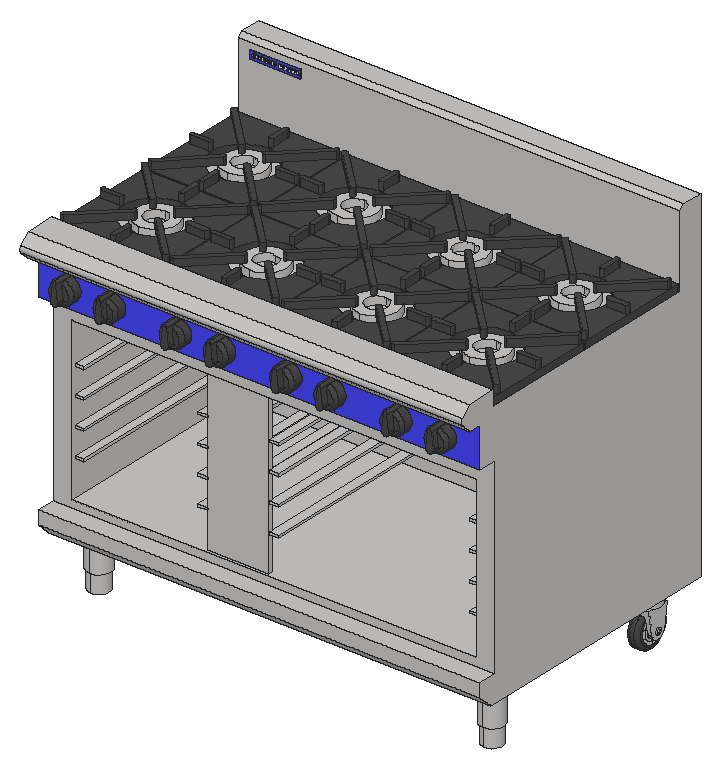
Revit family "QF_MOFFAT_BLUESEAL_CE_G518D-CB", category Specialty Equipment, Revit 2012
Parameters
  Weight in Pounds = 435  # constant formula
  URL Cutsheet = "www.moffat.com"
  URL = "www.moffat.com"
  Type Mark [instance] = ""
  Status [instance] = ""
  Specification by User [instance] = ""
  Specification by Manufacturer = ""
  Show Logo [instance] = yes
  Show Casters [instance] = yes
  Serial Number = ""
  Seismic Rating = ""
  SMACNA No = ""
  Revision Code [instance] = ""
  Omniclass Number and Title = ""
  NAFEM Spec ID Number = ""
  Model = "G518D-CB"
  Mechanical Remarks [instance] = ""
  Mechanical Connection Type [instance] = ""
  Masterspec = ""
  Manufacturer = "MOFFAT BLUESEAL"
  Legs [instance] = not(Show Casters)  # no
  Item Number [instance] = ""
  Installed By [instance] = ""
  Identify Quantity as Lot [instance] = yes
  Gas Size = 3/4"
  Gas RI Height [instance] = 0.0 mm
  Gas KW [instance] = 56
  Gas Input [instance] = 192500.0 Btu/h
  Gas Connection Height = 0.0 mm
  Furnished By [instance] = ""
  Foodservice Equipment Identifier [instance] = yes
  Description = "1200MM GAS COOK TOP ON CABINET BASE"
  CSI MasterFormat = ""
  CSI Master Format = ""
  Body Height [instance] = 915.0 mm
  Base Height [instance] = 150.0 mm
Reference planes
  plane 1 "BACK": y = 0
  plane 2: z = 0
  plane 3 "LEFT": x = 0
  plane 4 "RIGHT": x = 1200
  plane 5 "FRONT": y = -812
  plane 6 "TOP": z = 970
  plane 7 "Center Y": x = 600
  plane 8 "Center X": y = -406
  plane 9 "Base Height": z = 150
  plane 10: x = 1134
  plane 11: x = 65
  plane 12: z = 915
  plane 13: z = 1085
  plane 14: y = -100
  plane 15: y = -625
Forms (mm)
  Extrusion 1, solid, material "QF_Finishes_Stainless Steel"
    sketch origin (0, 0, 0) x (0, 1, 0) y (0, 0, 1)
      loop
        line (0, 150) -> (0, 1085) -> (-57.5, 1085) -> (-70, 1072.5) -> (-70, 875) -> (-705, 875) -> (-705, 915) -> (-783.97, 915) -> (-808.485, 890.485)
        arc (-808.485, 890.485) -> (-811.999, 882) -> (-808.485, 873.515) r 12
        line (-808.485, 873.515) -> (-784.97, 850) -> (-749, 850) -> (-749, 740) -> (-135.7, 740) -> (-135.7, 150) -> (0, 150)
      loop
        line (-699, 222.5) -> (-749, 222.5) -> (-749, 186) -> (-713, 150) -> (-699, 150) -> (-699, 222.5)
    from 0 to 1200
  Extrusion 2, solid, material "QF_Finishes_Stainless Steel"
    sketch origin (705, 3, 100) x (1, 0, 0) y (0, 1, 0)
      loop
        circle (365, -35) r 13.5
    from 555 to 599.856
  Revolve 3, solid, material "QF_Finishes_Black"
    sketch origin (89.999, 7, 759.972) x (0, 1, 0) y (0, 0, -1)
      loop
        line (-789, -69.5) -> (-766, -69.5) -> (-766, -42) -> (-756, -42) -> (-756, -37) -> (-800, -37) -> (-800, -63.651) -> (-789, -69.5)
      axis (-800, -37) -> (-756, -37)
    angle from 0 to 360
  Extrusion 4, solid, material "QF_Finishes_Black"
    sketch origin (228.269, 0, 760.13) x (-1, 0, 0) y (0, 0, -1)
      loop
        line (127.85, -26.064) -> (133.27, -68.983)
        arc (133.27, -68.983) -> (138.269, -73.87) -> (143.267, -68.983) r 5
        line (143.267, -68.983) -> (148.756, -24.898)
        arc (148.756, -24.898) -> (137.684, -14.399) -> (127.85, -26.064) r 10.487
    from 759 to 808
  Revolve 5, solid, material "QF_Finishes_Stainless Steel"
    sketch origin (65, -728, 0) x (0, 1, 0) y (0, 0, 1)
      loop
        line (71.25, 150) -> (71.25, 50) -> (75.5, 50) -> (75.5, 0) -> (103, 0) -> (103, 150) -> (71.25, 150)
      axis (103, 150) -> (103, 0)
    angle from 0 to 360
  Revolve 6, solid, material "QF_Finishes_Stainless Steel"
    sketch origin (1134, -728, 0) x (0, 1, 0) y (0, 0, -1)
      loop
        line (71.25, -150) -> (103, -150) -> (103, 0) -> (75.5, 0) -> (75.5, -50) -> (71.25, -50) -> (71.25, -150)
      axis (103, -150) -> (103, 0)
    angle from 0 to 360
  Extrusion 7, solid, material "QF_Finishes_Stainless Steel"
    sketch origin (0, 0, 0) x (1, 0, 0) y (0, 0, 1)
      loop
        line (0, 740) -> (0, 150) -> (1200, 150) -> (1200, 740) -> (0, 740)
      loop
        line (50, 680) -> (50, 242.5) -> (1150, 242.5) -> (1150, 680) -> (50, 680)
    from 135.7 to 699
  Extrusion 8, void
    sketch origin (0, 0, 150) x (-1, 0, 0) y (0, -1, 0)
      loop
        line (-1133.988, 87.26) -> (-1133.988, -30.24) -> (-1004.488, -30.24) -> (-1004.488, 38.76) -> (-1052.988, 87.26) -> (-1133.988, 87.26)
    from 72.5 to 549.856
  Extrusion 9, solid, material "QF_Finishes_Stainless Steel"
    sketch origin (0, -135.7, 735) x (0, 0, 1) y (-1, 0, 0)
      loop
        line (-50, -578.5) -> (-50, -412.5) -> (-492.5, -412.5) -> (-492.5, -578.5) -> (-50, -578.5)
    from 543.302 to 553.302
  Extrusion 10, solid, material "QF_Finishes_Stainless Steel"
    sketch origin (0, -135.7, 735) x (0, 0, 1) y (-1, 0, 0)
      loop
        line (-246.25, -410.75) -> (-239.9, -410.75) -> (-239.9, -385.75) -> (-246.25, -385.75) -> (-246.25, -410.75)
      loop
        line (-321.25, -410.75) -> (-314.9, -410.75) -> (-314.9, -385.75) -> (-321.25, -385.75) -> (-321.25, -410.75)
      loop
        line (-321.25, -50) -> (-321.25, -75) -> (-314.9, -75) -> (-314.9, -50) -> (-321.25, -50)
      loop
        line (-239.9, -75) -> (-239.9, -50) -> (-246.25, -50) -> (-246.25, -75) -> (-239.9, -75)
      loop
        line (-396.25, -410.75) -> (-389.9, -410.75) -> (-389.9, -385.75) -> (-396.25, -385.75) -> (-396.25, -410.75)
      loop
        line (-396.25, -50) -> (-396.25, -75) -> (-389.9, -75) -> (-389.9, -50) -> (-396.25, -50)
      loop
        line (-171.25, -410.75) -> (-164.9, -410.75) -> (-164.9, -385.75) -> (-171.25, -385.75) -> (-171.25, -410.75)
      loop
        line (-164.9, -75) -> (-164.9, -50) -> (-171.25, -50) -> (-171.25, -75) -> (-164.9, -75)
      loop
        line (-246.25, -579.25) -> (-246.25, -604.25) -> (-239.9, -604.25) -> (-239.9, -579.25) -> (-246.25, -579.25)
      loop
        line (-321.25, -579.25) -> (-321.25, -604.25) -> (-314.9, -604.25) -> (-314.9, -579.25) -> (-321.25, -579.25)
      loop
        line (-321.25, -1150) -> (-314.9, -1150) -> (-314.9, -1125) -> (-321.25, -1125) -> (-321.25, -1150)
      loop
        line (-239.9, -1125) -> (-246.25, -1125) -> (-246.25, -1150) -> (-239.9, -1150) -> (-239.9, -1125)
      loop
        line (-396.25, -579.25) -> (-396.25, -604.25) -> (-389.9, -604.25) -> (-389.9, -579.25) -> (-396.25, -579.25)
      loop
        line (-396.25, -1150) -> (-389.9, -1150) -> (-389.9, -1125) -> (-396.25, -1125) -> (-396.25, -1150)
      loop
        line (-171.25, -579.25) -> (-171.25, -604.25) -> (-164.9, -604.25) -> (-164.9, -579.25) -> (-171.25, -579.25)
      loop
        line (-164.9, -1125) -> (-171.25, -1125) -> (-171.25, -1150) -> (-164.9, -1150) -> (-164.9, -1125)
    from 0 to 553.302
  Revolve 11, solid, material "QF_Finishes_Black"
    sketch origin (210, 7, 760) x (0, 1, 0) y (0, 0, -1)
      loop
        line (-789, -69.5) -> (-766, -69.5) -> (-766, -42) -> (-756, -42) -> (-756, -37) -> (-800, -37) -> (-800, -63.651) -> (-789, -69.5)
      axis (-800, -37) -> (-756, -37)
    angle from 0 to 360
  Extrusion 12, solid, material "QF_Finishes_Black"
    sketch origin (348.27, 0, 760.158) x (-1, 0, 0) y (0, 0, -1)
      loop
        line (127.85, -26.064) -> (133.27, -68.983)
        arc (133.27, -68.983) -> (138.269, -73.87) -> (143.267, -68.983) r 5
        line (143.267, -68.983) -> (148.756, -24.898)
        arc (148.756, -24.898) -> (137.684, -14.399) -> (127.85, -26.064) r 10.487
    from 759 to 808
  Revolve 13, solid, material "QF_Finishes_Black"
    sketch origin (390, 7, 760) x (0, 1, 0) y (0, 0, -1)
      loop
        line (-789, -69.5) -> (-766, -69.5) -> (-766, -42) -> (-756, -42) -> (-756, -37) -> (-800, -37) -> (-800, -63.651) -> (-789, -69.5)
      axis (-800, -37) -> (-756, -37)
    angle from 0 to 360
  Extrusion 14, solid, material "QF_Finishes_Black"
    sketch origin (528.27, 0, 760.158) x (-1, 0, 0) y (0, 0, -1)
      loop
        line (127.85, -26.064) -> (133.27, -68.983)
        arc (133.27, -68.983) -> (138.269, -73.87) -> (143.267, -68.983) r 5
        line (143.267, -68.983) -> (148.756, -24.898)
        arc (148.756, -24.898) -> (137.684, -14.399) -> (127.85, -26.064) r 10.487
    from 759 to 808
  Revolve 15, solid, material "QF_Finishes_Black"
    sketch origin (510.001, 7, 760.028) x (0, 1, 0) y (0, 0, -1)
      loop
        line (-789, -69.5) -> (-766, -69.5) -> (-766, -42) -> (-756, -42) -> (-756, -37) -> (-800, -37) -> (-800, -63.651) -> (-789, -69.5)
      axis (-800, -37) -> (-756, -37)
    angle from 0 to 360
  Extrusion 16, solid, material "QF_Finishes_Black"
    sketch origin (648.27, 0, 760.186) x (-1, 0, 0) y (0, 0, -1)
      loop
        line (127.85, -26.064) -> (133.27, -68.983)
        arc (133.27, -68.983) -> (138.269, -73.87) -> (143.267, -68.983) r 5
        line (143.267, -68.983) -> (148.756, -24.898)
        arc (148.756, -24.898) -> (137.684, -14.399) -> (127.85, -26.064) r 10.487
    from 759 to 808
  Revolve 17, solid, material "QF_Finishes_Black"
    sketch origin (690, 7, 760) x (0, 1, 0) y (0, 0, -1)
      loop
        line (-789, -69.5) -> (-766, -69.5) -> (-766, -42) -> (-756, -42) -> (-756, -37) -> (-800, -37) -> (-800, -63.651) -> (-789, -69.5)
      axis (-800, -37) -> (-756, -37)
    angle from 0 to 360
  Extrusion 18, solid, material "QF_Finishes_Black"
    sketch origin (828.27, 0, 760.158) x (-1, 0, 0) y (0, 0, -1)
      loop
        line (127.85, -26.064) -> (133.27, -68.983)
        arc (133.27, -68.983) -> (138.269, -73.87) -> (143.267, -68.983) r 5
        line (143.267, -68.983) -> (148.756, -24.898)
        arc (148.756, -24.898) -> (137.684, -14.399) -> (127.85, -26.064) r 10.487
    from 759 to 808
  Revolve 19, solid, material "QF_Finishes_Black"
    sketch origin (810.001, 7, 760.028) x (0, 1, 0) y (0, 0, -1)
      loop
        line (-789, -69.5) -> (-766, -69.5) -> (-766, -42) -> (-756, -42) -> (-756, -37) -> (-800, -37) -> (-800, -63.651) -> (-789, -69.5)
      axis (-800, -37) -> (-756, -37)
    angle from 0 to 360
  Extrusion 20, solid, material "QF_Finishes_Black"
    sketch origin (948.27, 0, 760.186) x (-1, 0, 0) y (0, 0, -1)
      loop
        line (127.85, -26.064) -> (133.27, -68.983)
        arc (133.27, -68.983) -> (138.269, -73.87) -> (143.267, -68.983) r 5
        line (143.267, -68.983) -> (148.756, -24.898)
        arc (148.756, -24.898) -> (137.684, -14.399) -> (127.85, -26.064) r 10.487
    from 759 to 808
  Revolve 21, solid, material "QF_Finishes_Black"
    sketch origin (990, 7, 760) x (0, 1, 0) y (0, 0, -1)
      loop
        line (-789, -69.5) -> (-766, -69.5) -> (-766, -42) -> (-756, -42) -> (-756, -37) -> (-800, -37) -> (-800, -63.651) -> (-789, -69.5)
      axis (-800, -37) -> (-756, -37)
    angle from 0 to 360
  Extrusion 22, solid, material "QF_Finishes_Black"
    sketch origin (1128.27, 0, 760.158) x (-1, 0, 0) y (0, 0, -1)
      loop
        line (127.85, -26.064) -> (133.27, -68.983)
        arc (133.27, -68.983) -> (138.269, -73.87) -> (143.267, -68.983) r 5
        line (143.267, -68.983) -> (148.756, -24.898)
        arc (148.756, -24.898) -> (137.684, -14.399) -> (127.85, -26.064) r 10.487
    from 759 to 808
  Revolve 23, solid, material "QF_Finishes_Black"
    sketch origin (1110.001, 7, 760.028) x (0, 1, 0) y (0, 0, -1)
      loop
        line (-789, -69.5) -> (-766, -69.5) -> (-766, -42) -> (-756, -42) -> (-756, -37) -> (-800, -37) -> (-800, -63.651) -> (-789, -69.5)
      axis (-800, -37) -> (-756, -37)
    angle from 0 to 360
  Extrusion 24, solid, material "QF_Finishes_Black"
    sketch origin (1248.27, 0, 760.186) x (-1, 0, 0) y (0, 0, -1)
      loop
        line (127.85, -26.064) -> (133.27, -68.983)
        arc (133.27, -68.983) -> (138.269, -73.87) -> (143.267, -68.983) r 5
        line (143.267, -68.983) -> (148.756, -24.898)
        arc (148.756, -24.898) -> (137.684, -14.399) -> (127.85, -26.064) r 10.487
    from 759 to 808
  Revolve 25, solid, material "QF_Finishes_Stainless Steel", visible <- "Legs"
    sketch origin (65.5, -166, 0) x (0, 1, 0) y (0, 0, 1)
      loop
        line (34.25, 150) -> (34.25, 50) -> (38.5, 50) -> (38.5, 0) -> (66, 0) -> (66, 150) -> (34.25, 150)
      axis (66, 150) -> (66, 0)
    angle from 0 to 360
  Revolve 26, solid, material "QF_Finishes_Stainless Steel", visible <- "Show Casters"
    sketch origin (16.276, -100.755, -12.8) x (1, 0, 0) y (0, 0, 1)
      loop
        line (14.841, 63.604) -> (83.584, 63.604) -> (83.584, 67.109) -> (82.314, 68.379) -> (80.79, 68.379) -> (80.79, 71.826) -> (68.644, 71.826) -> (68.644, 81.79) -> (65.088, 83.843) -> (63.738, 92.179) -> (65.881, 92.179) -> (65.881, 98.529) -> (65.088, 98.529) -> (65.088, 104.879)
        arc (65.088, 104.879) -> (62.298, 111.614) -> (55.563, 114.404) r 9.525
        line (55.563, 114.404) -> (42.863, 114.404)
        arc (42.863, 114.404) -> (36.127, 111.614) -> (33.338, 104.879) r 9.525
        line (33.338, 104.879) -> (33.338, 98.529) -> (32.544, 98.529) -> (32.544, 92.179) -> (34.687, 92.179) -> (33.352, 83.932) -> (29.782, 81.871) -> (29.782, 71.826) -> (17.635, 71.826) -> (17.635, 68.379) -> (16.111, 68.379) -> (14.841, 67.109) -> (14.841, 63.604)
      axis (14.841, 63.604) -> (83.584, 63.604)
    angle from 0 to 360
  Extrusion 27, solid, material "QF_Finishes_Stainless Steel", visible <- "Show Casters"
    sketch origin (72.001, 132.353, -8.783) x (0, 1, 0) y (0, 0, 1)
      loop
        line (-200.603, 118.783) -> (-264.103, 118.783) -> (-251.746, 53.895)
        arc (-251.746, 53.895) -> (-232.353, 38.783) -> (-212.959, 53.895) r 20
        line (-212.959, 53.895) -> (-200.603, 118.783)
    from -35.667 to 22.923
  Revolve 28, solid, material "QF_Finishes_Stainless Steel", visible <- "Show Casters"
    sketch origin (65.5, -204, 0) x (0, 1, 0) y (0, 0, 1)
      loop
        line (68.25, 150) -> (68.25, 110) -> (104, 110) -> (104, 150) -> (68.25, 150)
      axis (104, 150) -> (104, 110)
    angle from 0 to 360
  Revolve 29, solid, material "QF_Finishes_Stainless Steel", visible <- "Legs"
    sketch origin (65.5, -166, 0) x (0, 1, 0) y (0, 0, 1)
      loop
        line (34.25, 150) -> (34.25, 50) -> (38.5, 50) -> (38.5, 0) -> (66, 0) -> (66, 150) -> (34.25, 150)
      axis (66, 150) -> (66, 0)
    angle from 0 to 360
  Revolve 30, solid, material "QF_Finishes_Stainless Steel", visible <- "Legs"
    sketch origin (1134.5, -166, 0) x (0, 1, 0) y (0, 0, -1)
      loop
        line (34.25, -150) -> (66, -150) -> (66, 0) -> (38.5, 0) -> (38.5, -50) -> (34.25, -50) -> (34.25, -150)
      axis (66, -150) -> (66, 0)
    angle from 0 to 360
  Revolve 31, solid, material "QF_Finishes_Stainless Steel", visible <- "Show Casters"
    sketch origin (1183.724, -100.755, -12.8) x (-1, 0, 0) y (0, 0, -1)
      loop
        line (14.841, -63.604) -> (14.841, -67.109) -> (16.111, -68.379) -> (17.635, -68.379) -> (17.635, -71.826) -> (29.782, -71.826) -> (29.782, -81.871) -> (33.352, -83.932) -> (34.687, -92.179) -> (32.544, -92.179) -> (32.544, -98.529) -> (33.338, -98.529) -> (33.338, -104.879)
        arc (33.338, -104.879) -> (36.127, -111.614) -> (42.863, -114.404) r 9.525
        line (42.863, -114.404) -> (55.563, -114.404)
        arc (55.563, -114.404) -> (62.298, -111.614) -> (65.088, -104.879) r 9.525
        line (65.088, -104.879) -> (65.088, -98.529) -> (65.881, -98.529) -> (65.881, -92.179) -> (63.738, -92.179) -> (65.088, -83.843) -> (68.644, -81.79) -> (68.644, -71.826) -> (80.79, -71.826) -> (80.79, -68.379) -> (82.314, -68.379) -> (83.584, -67.109) -> (83.584, -63.604) -> (14.841, -63.604)
      axis (14.841, -63.604) -> (83.584, -63.604)
    angle from 0 to 360
  Extrusion 32, solid, material "QF_Finishes_Stainless Steel", visible <- "Show Casters"
    sketch origin (1127.999, 132.353, -8.783) x (0, 1, 0) y (0, 0, -1)
      loop
        line (-200.603, -118.783) -> (-212.959, -53.895)
        arc (-212.959, -53.895) -> (-232.353, -38.783) -> (-251.746, -53.895) r 20
        line (-251.746, -53.895) -> (-264.103, -118.783) -> (-200.603, -118.783)
    from -35.667 to 22.923
  Revolve 33, solid, material "QF_Finishes_Stainless Steel", visible <- "Show Casters"
    sketch origin (1134.5, -204, 0) x (0, 1, 0) y (0, 0, -1)
      loop
        line (68.25, -150) -> (104, -150) -> (104, -110) -> (68.25, -110) -> (68.25, -150)
      axis (104, -150) -> (104, -110)
    angle from 0 to 360
  Revolve 34, solid, material "QF_Finishes_Stainless Steel", visible <- "Legs"
    sketch origin (1134.5, -166, 0) x (0, 1, 0) y (0, 0, -1)
      loop
        line (34.25, -150) -> (66, -150) -> (66, 0) -> (38.5, 0) -> (38.5, -50) -> (34.25, -50) -> (34.25, -150)
      axis (66, -150) -> (66, 0)
    angle from 0 to 360
Cuts and joins
  Extrusion 8 cuts Extrusion 1
  joined: Extrusion 1, Extrusion 7
Lines and regions (mm)
  Split face 1
    outline origin (1200, 0, 1085) x (-1, 0, 0) y (0, -1, 0)
      loop
        arc (1167.206, 18.385) -> (1175.866, 23.385) -> (1175.866, 33.385) r 10
        line (1175.866, 33.385) -> (1171.824, 40.385)
        arc (1171.824, 40.385) -> (1168.164, 44.045) -> (1163.164, 45.385) r 10
        line (1163.164, 45.385) -> (935.206, 45.385)
        arc (935.206, 45.385) -> (926.545, 40.385) -> (926.545, 30.385) r 10
        line (926.545, 30.385) -> (930.587, 23.385)
        arc (930.587, 23.385) -> (934.247, 19.725) -> (939.247, 18.385) r 10
        line (939.247, 18.385) -> (1167.206, 18.385)
  Split face 2
    outline origin (1200, 0, 1085) x (-1, 0, 0) y (0, -1, 0)
      loop
        arc (35.206, 45.385) -> (26.545, 40.385) -> (26.545, 30.385) r 10
        line (26.545, 30.385) -> (30.587, 23.385)
        arc (30.587, 23.385) -> (34.247, 19.725) -> (39.247, 18.385) r 10
        line (39.247, 18.385) -> (267.206, 18.385)
        arc (267.206, 18.385) -> (275.866, 23.385) -> (275.866, 33.385) r 10
        line (275.866, 33.385) -> (271.824, 40.385)
        arc (271.824, 40.385) -> (268.164, 44.045) -> (263.164, 45.385) r 10
        line (263.164, 45.385) -> (35.206, 45.385)
  Split face 3
    outline origin (1200, 0, 1085) x (-1, 0, 0) y (0, -1, 0)
      loop
        arc (335.206, 45.385) -> (326.545, 40.385) -> (326.545, 30.385) r 10
        line (326.545, 30.385) -> (330.587, 23.385)
        arc (330.587, 23.385) -> (334.247, 19.725) -> (339.247, 18.385) r 10
        line (339.247, 18.385) -> (567.206, 18.385)
        arc (567.206, 18.385) -> (575.866, 23.385) -> (575.866, 33.385) r 10
        line (575.866, 33.385) -> (571.824, 40.385)
        arc (571.824, 40.385) -> (568.164, 44.045) -> (563.164, 45.385) r 10
        line (563.164, 45.385) -> (335.206, 45.385)
  Split face 4
    outline origin (1200, 0, 1085) x (-1, 0, 0) y (0, -1, 0)
      loop
        arc (867.206, 18.385) -> (875.866, 23.385) -> (875.866, 33.385) r 10
        line (875.866, 33.385) -> (871.824, 40.385)
        arc (871.824, 40.385) -> (868.164, 44.045) -> (863.164, 45.385) r 10
        line (863.164, 45.385) -> (635.206, 45.385)
        arc (635.206, 45.385) -> (626.545, 40.385) -> (626.545, 30.385) r 10
        line (626.545, 30.385) -> (630.587, 23.385)
        arc (630.587, 23.385) -> (634.247, 19.725) -> (639.247, 18.385) r 10
        line (639.247, 18.385) -> (867.206, 18.385)
  symbolic lines
    curve 1: line (1200, -812, 0) -> (1200, 0, 0)
    curve 2: line (0, -812, 0) -> (1200, -812, 0)
    curve 3: line (0, 0, 0) -> (0, -812, 0)
    curve 12: line (632.794, -18.385, 0) -> (860.753, -18.385, 0)
    curve 13: line (560.753, -18.385, 0) -> (332.794, -18.385, 0)
    curve 14: arc (332.794, -18.385, 0) -> (324.134, -23.385, 0) -> (324.134, -33.385, 0) r 10
    curve 15: line (324.134, -33.385, 0) -> (328.176, -40.385, 0)
    curve 16: arc (328.176, -40.385, 0) -> (331.836, -44.045, 0) -> (336.836, -45.385, 0) r 10
    curve 17: line (336.836, -45.385, 0) -> (564.794, -45.385, 0)
    curve 18: arc (564.794, -45.385, 0) -> (573.455, -40.385, 0) -> (573.455, -30.385, 0) r 10
    curve 19: line (573.455, -30.385, 0) -> (569.413, -23.385, 0)
    curve 20: arc (569.413, -23.385, 0) -> (565.753, -19.725, 0) -> (560.753, -18.385, 0) r 10
    curve 21: line (32.794, -18.385, 0) -> (260.753, -18.385, 0)
    curve 22: arc (260.753, -18.385, 0) -> (265.753, -19.725, 0) -> (269.413, -23.385, 0) r 10
    curve 23: line (269.413, -23.385, 0) -> (273.455, -30.385, 0)
    curve 24: arc (273.455, -30.385, 0) -> (273.455, -40.385, 0) -> (264.794, -45.385, 0) r 10
    curve 25: line (264.794, -45.385, 0) -> (36.836, -45.385, 0)
    curve 26: arc (36.836, -45.385, 0) -> (31.836, -44.045, 0) -> (28.176, -40.385, 0) r 10
    curve 27: line (28.176, -40.385, 0) -> (24.134, -33.385, 0)
    curve 28: arc (24.134, -33.385, 0) -> (24.134, -23.385, 0) -> (32.794, -18.385, 0) r 10
    curve 29: line (932.794, -18.385, 0) -> (1160.753, -18.385, 0)
    curve 30: arc (1160.753, -18.385, 0) -> (1165.753, -19.725, 0) -> (1169.413, -23.385, 0) r 10
    curve 31: line (1169.413, -23.385, 0) -> (1173.455, -30.385, 0)
    curve 32: arc (1173.455, -30.385, 0) -> (1173.455, -40.385, 0) -> (1164.794, -45.385, 0) r 10
    curve 33: line (1164.794, -45.385, 0) -> (936.836, -45.385, 0)
    curve 34: arc (936.836, -45.385, 0) -> (931.836, -44.045, 0) -> (928.176, -40.385, 0) r 10
    curve 35: line (928.176, -40.385, 0) -> (924.134, -33.385, 0)
    curve 36: arc (924.134, -33.385, 0) -> (924.134, -23.385, 0) -> (932.794, -18.385, 0) r 10
    curve 37: line (636.836, -45.385, 0) -> (864.794, -45.385, 0)
    curve 38: arc (864.794, -45.385, 0) -> (873.455, -40.385, 0) -> (873.455, -30.385, 0) r 10
    curve 39: line (873.455, -30.385, 0) -> (869.413, -23.385, 0)
    curve 40: arc (869.413, -23.385, 0) -> (865.753, -19.725, 0) -> (860.753, -18.385, 0) r 10
    curve 41: line (860.753, -18.385, 0) -> (632.794, -18.385, 0)
    curve 42: arc (632.794, -18.385, 0) -> (624.134, -23.385, 0) -> (624.134, -33.385, 0) r 10
    curve 43: line (624.134, -33.385, 0) -> (628.176, -40.385, 0)
    curve 44: arc (628.176, -40.385, 0) -> (631.836, -44.045, 0) -> (636.836, -45.385, 0) r 10
    curve 45: line (0, 0, 0) -> (1200, 0, 0)
    curve 46: line (0, -783.97, 0) -> (1200, -783.97, 0)
    curve 47: line (-1, -705, 0) -> (1199, -705, 0)
    curve 48: line (0, -70, 0) -> (1200, -70, 0)
    curve 49: line (0, -57.5, 0) -> (1200, -57.5, 0)
  symbolic lines, style "SpecialityEquipmentHiddenLines", visible <- "Show Casters"
    curve 4: line (78.456, -46.735, 0) -> (105.952, -62.61, 0)
    curve 5: line (27.656, -134.723, 0) -> (78.456, -46.735, 0)
    curve 6: line (55.152, -150.598, 0) -> (27.656, -134.723, 0)
    curve 7: line (105.952, -62.61, 0) -> (55.152, -150.598, 0)
    curve 8: line (1148.456, -46.735, 0) -> (1175.952, -62.61, 0)
    curve 9: line (1097.656, -134.723, 0) -> (1148.456, -46.735, 0)
    curve 10: line (1125.152, -150.598, 0) -> (1097.656, -134.723, 0)
    curve 11: line (1175.952, -62.61, 0) -> (1125.152, -150.598, 0)
Dimensions and locks
  equal spacing: plane 3 "LEFT", plane 7 "Center Y", plane 4 "RIGHT"
  plane 3 "LEFT" to plane 4 "RIGHT" = 1200.0 mm
  equal spacing: plane 5 "FRONT", plane 8 "Center X", plane 1 "BACK"
  plane 5 "FRONT" to plane 1 "BACK" = 812.0 mm
  "Base Height": plane 9 "Base Height" to level
  plane 6 "TOP" to level = 970.0 mm
  plane 10 to plane 11 = 1069.0 mm
  level to Extrusion 2 = 655.0 mm
  Extrusion 8 to Extrusion 8 = 477.356 mm
  plane 13 to plane 2 = 1085.0 mm
  Extrusion 2 sketch curve to plane 1 "BACK" = 32.0 mm
  Revolve 26 sketch curve to Revolve 26 sketch curve = 50.8 mm
  Revolve 31 sketch curve to Revolve 31 sketch curve = 50.8 mm
  aligned and locked: level to plane 2
Automatic sketch dimensions
  Extrusion 1 sketch curve to plane 12 = 0.0 mm
  Extrusion 1 sketch curve to plane 9 "Base Height" = 0.0 mm  (x2)
  Extrusion 1 sketch curve to plane 13 = 0.0 mm
  Extrusion 1 sketch curve to plane 1 "BACK" = 0.0 mm
  Extrusion 1 sketch curve to Extrusion 1 sketch curve = 57.5 mm
  Extrusion 1 sketch curve to plane 13 = 12.5 mm
  Extrusion 1 sketch curve to Extrusion 1 sketch curve = 12.5 mm
  plane 1 "BACK" to Extrusion 1 sketch curve = 135.7 mm
  Extrusion 1 sketch curve to plane 5 "FRONT" = 113.0 mm
  Extrusion 1 sketch curve to plane 12 = 40.0 mm
  Extrusion 1 sketch curve to plane 5 "FRONT" = 107.0 mm
  Extrusion 1 sketch curve to Extrusion 1 sketch curve = 14.0 mm
  Extrusion 1 sketch curve to plane 5 "FRONT" = 63.0 mm
  Extrusion 1 sketch curve to Extrusion 1 sketch curve = 50.0 mm
  Extrusion 1 sketch curve to plane 5 "FRONT" = 28.03 mm
  Extrusion 1 sketch curve to plane 5 "FRONT" = 27.03 mm
  Extrusion 1 sketch curve to plane 5 "FRONT" = 12.001 mm
  Extrusion 1 sketch curve to plane 5 "FRONT" = 3.515 mm  (x2)
  plane 9 "Base Height" to Extrusion 1 sketch curve = 36.0 mm
  Extrusion 1 sketch curve to Extrusion 1 sketch curve = 36.5 mm
  Extrusion 1 sketch curve to Extrusion 1 sketch curve = 135.0 mm
  Extrusion 1 sketch curve to Extrusion 1 sketch curve = 25.0 mm
  Extrusion 1 sketch curve to Extrusion 1 sketch curve = 23.515 mm
  Extrusion 1 sketch curve to Extrusion 1 sketch curve = 8.485 mm
  Extrusion 2 sketch curve to plane 10 = 64.0 mm
  Revolve 3 sketch curve to plane 5 "FRONT" = 19.0 mm
  Revolve 3 sketch curve to Revolve 3 sketch curve = 0.0 mm  (x2)
  Revolve 3 sketch curve to Revolve 3 sketch curve = 11.0 mm
  Revolve 3 sketch curve to Revolve 3 sketch curve = 12.7 mm
  Revolve 3 sketch curve to Revolve 3 sketch curve = 23.0 mm
  Revolve 3 sketch curve to Revolve 3 sketch curve = 10.0 mm
  Revolve 3 sketch curve to plane 12 = 85.528 mm
  Revolve 3 sketch curve to Revolve 3 sketch curve = 5.849 mm
  Revolve 3 sketch curve to Revolve 3 sketch curve = 27.5 mm
  Revolve 3 sketch curve to Revolve 3 sketch curve = 5.0 mm
  plane 11 to Extrusion 4 sketch curve = 35.419 mm
  plane 11 to Extrusion 4 sketch curve = 29.999 mm
  Extrusion 4 sketch curve to Extrusion 4 sketch curve = 10.419 mm
  Extrusion 4 sketch curve to Extrusion 4 sketch curve = 4.999 mm  (x2)
  Extrusion 4 sketch curve to Extrusion 4 sketch curve = 10.487 mm
  Extrusion 4 sketch curve to plane 12 = 85.887 mm
  Extrusion 4 sketch curve to Extrusion 4 sketch curve = 0.113 mm
  Extrusion 4 sketch curve to Extrusion 4 sketch curve = 42.919 mm
  Extrusion 4 sketch curve to Extrusion 4 sketch curve = 1.167 mm
  Revolve 5 sketch curve to plane 9 "Base Height" = 0.0 mm
  Revolve 5 sketch curve to level = 0.0 mm
  level to Revolve 5 sketch curve = 50.0 mm
  Revolve 5 sketch curve to plane 5 "FRONT" = 155.25 mm
  Revolve 5 sketch curve to Revolve 5 sketch curve = 4.25 mm
  Revolve 5 sketch curve to Revolve 5 sketch curve = 27.5 mm  (x2)
  Revolve 5 sketch curve to Revolve 5 sketch curve = 55.0 mm
  Revolve 5 sketch curve to Revolve 5 sketch curve = 0.0 mm
  Revolve 6 sketch curve to plane 9 "Base Height" = 0.0 mm
  Revolve 6 sketch curve to level = 0.0 mm
  level to Revolve 6 sketch curve = 50.0 mm
  Revolve 6 sketch curve to plane 5 "FRONT" = 155.25 mm
  Revolve 6 sketch curve to Revolve 6 sketch curve = 4.25 mm
  Revolve 6 sketch curve to Revolve 6 sketch curve = 27.5 mm  (x2)
  Revolve 6 sketch curve to Revolve 6 sketch curve = 0.0 mm
  Revolve 6 sketch curve to Revolve 6 sketch curve = 55.0 mm
  Extrusion 7 sketch curve to plane 3 "LEFT" = 0.0 mm
  plane 4 "RIGHT" to Extrusion 7 sketch curve = 0.0 mm
  Extrusion 7 sketch curve to plane 9 "Base Height" = 0.0 mm
  Extrusion 7 sketch curve to plane 11 = 15.0 mm
  plane 10 to Extrusion 7 sketch curve = 16.0 mm
  plane 9 "Base Height" to Extrusion 7 sketch curve = 92.5 mm
  Extrusion 7 sketch curve to plane 12 = 235.0 mm
  Extrusion 7 sketch curve to Extrusion 7 sketch curve = 60.0 mm
  Extrusion 8 sketch curve to plane 10 = 0.012 mm
  Extrusion 8 sketch curve to Extrusion 8 sketch curve = 81.0 mm
  Extrusion 8 sketch curve to Extrusion 8 sketch curve = 48.5 mm  (x2)
  Extrusion 8 sketch curve to plane 1 "BACK" = 30.24 mm
  plane 1 "BACK" to Extrusion 8 sketch curve = 38.76 mm
  Extrusion 9 sketch curve to Extrusion 1 = 92.5 mm
  Extrusion 1 to Extrusion 9 sketch curve = 55.0 mm
  Extrusion 1 to Extrusion 9 sketch curve = 578.5 mm
  Extrusion 9 sketch curve to Extrusion 9 sketch curve = 166.0 mm
  Extrusion 1 to Extrusion 10 sketch curve = 75.0 mm  (x2)
  Extrusion 10 sketch curve to Extrusion 1 = 188.75 mm  (x3)
  Extrusion 10 sketch curve to Extrusion 10 sketch curve = 0.0 mm  (x9)
  Extrusion 1 to Extrusion 10 sketch curve = 50.0 mm  (x4)
  Extrusion 10 sketch curve to Extrusion 10 sketch curve = 6.35 mm  (x16)
  Extrusion 10 sketch curve to Extrusion 10 sketch curve = 68.65 mm  (x12)
  Extrusion 10 sketch curve to Extrusion 10 sketch curve = 25.0 mm  (x16)
  Extrusion 10 sketch curve to Extrusion 10 sketch curve = 520.75 mm
  Extrusion 10 sketch curve to Extrusion 10 sketch curve = 168.5 mm
  Revolve 11 sketch curve to plane 5 "FRONT" = 19.0 mm
  Revolve 11 sketch curve to Revolve 11 sketch curve = 0.0 mm  (x2)
  Revolve 11 sketch curve to Revolve 11 sketch curve = 11.0 mm
  Revolve 11 sketch curve to Revolve 11 sketch curve = 12.7 mm
  Revolve 11 sketch curve to Revolve 11 sketch curve = 23.0 mm
  Revolve 11 sketch curve to Revolve 11 sketch curve = 10.0 mm
  Revolve 11 sketch curve to plane 12 = 85.5 mm
  Revolve 11 sketch curve to Revolve 11 sketch curve = 5.849 mm
  Revolve 11 sketch curve to Revolve 11 sketch curve = 27.5 mm
  Revolve 11 sketch curve to Revolve 11 sketch curve = 5.0 mm
  plane 11 to Extrusion 12 sketch curve = 155.42 mm
  Extrusion 12 sketch curve to Extrusion 12 sketch curve = 5.421 mm
  Extrusion 12 sketch curve to Extrusion 12 sketch curve = 10.419 mm
  Extrusion 12 sketch curve to Extrusion 12 sketch curve = 4.999 mm  (x2)
  Extrusion 12 sketch curve to plane 12 = 85.859 mm
  Extrusion 12 sketch curve to Extrusion 12 sketch curve = 10.487 mm
  Extrusion 12 sketch curve to Extrusion 12 sketch curve = 0.113 mm
  Extrusion 12 sketch curve to Extrusion 12 sketch curve = 42.919 mm
  Extrusion 12 sketch curve to Extrusion 12 sketch curve = 1.167 mm
  Revolve 13 sketch curve to plane 5 "FRONT" = 19.0 mm
  Revolve 13 sketch curve to Revolve 13 sketch curve = 0.0 mm  (x2)
  Revolve 13 sketch curve to Revolve 13 sketch curve = 11.0 mm
  Revolve 13 sketch curve to Revolve 13 sketch curve = 12.7 mm
  Revolve 13 sketch curve to Revolve 13 sketch curve = 23.0 mm
  Revolve 13 sketch curve to Revolve 13 sketch curve = 10.0 mm
  Revolve 13 sketch curve to plane 12 = 85.5 mm
  Revolve 13 sketch curve to Revolve 13 sketch curve = 5.849 mm
  Revolve 13 sketch curve to Revolve 13 sketch curve = 27.5 mm
  Revolve 13 sketch curve to Revolve 13 sketch curve = 5.0 mm
  Extrusion 14 sketch curve to plane 7 "Center Y" = 199.58 mm
  Extrusion 14 sketch curve to Extrusion 14 sketch curve = 5.421 mm
  Extrusion 14 sketch curve to Extrusion 14 sketch curve = 10.419 mm
  Extrusion 14 sketch curve to Extrusion 14 sketch curve = 4.999 mm  (x2)
  Extrusion 14 sketch curve to plane 12 = 85.859 mm
  Extrusion 14 sketch curve to Extrusion 14 sketch curve = 10.487 mm
  Extrusion 14 sketch curve to Extrusion 14 sketch curve = 0.113 mm
  Extrusion 14 sketch curve to Extrusion 14 sketch curve = 42.919 mm
  Extrusion 14 sketch curve to Extrusion 14 sketch curve = 1.167 mm
  Revolve 15 sketch curve to plane 5 "FRONT" = 19.0 mm
  Revolve 15 sketch curve to Revolve 15 sketch curve = 0.0 mm  (x2)
  Revolve 15 sketch curve to Revolve 15 sketch curve = 11.0 mm
  Revolve 15 sketch curve to Revolve 15 sketch curve = 12.7 mm
  Revolve 15 sketch curve to Revolve 15 sketch curve = 23.0 mm
  Revolve 15 sketch curve to Revolve 15 sketch curve = 10.0 mm
  Revolve 15 sketch curve to plane 12 = 85.472 mm
  Revolve 15 sketch curve to Revolve 15 sketch curve = 5.849 mm
  Revolve 15 sketch curve to Revolve 15 sketch curve = 27.5 mm
  Revolve 15 sketch curve to Revolve 15 sketch curve = 5.0 mm
  Extrusion 16 sketch curve to plane 7 "Center Y" = 79.579 mm
  Extrusion 16 sketch curve to Extrusion 16 sketch curve = 5.421 mm
  Extrusion 16 sketch curve to Extrusion 16 sketch curve = 10.419 mm
  Extrusion 16 sketch curve to Extrusion 16 sketch curve = 4.999 mm  (x2)
  Extrusion 16 sketch curve to plane 12 = 85.831 mm
  Extrusion 16 sketch curve to Extrusion 16 sketch curve = 10.487 mm
  Extrusion 16 sketch curve to Extrusion 16 sketch curve = 0.113 mm
  Extrusion 16 sketch curve to Extrusion 16 sketch curve = 42.919 mm
  Extrusion 16 sketch curve to Extrusion 16 sketch curve = 1.167 mm
  Revolve 17 sketch curve to plane 5 "FRONT" = 19.0 mm
  Revolve 17 sketch curve to Revolve 17 sketch curve = 0.0 mm  (x2)
  Revolve 17 sketch curve to Revolve 17 sketch curve = 11.0 mm
  Revolve 17 sketch curve to Revolve 17 sketch curve = 12.7 mm
  Revolve 17 sketch curve to Revolve 17 sketch curve = 23.0 mm
  Revolve 17 sketch curve to Revolve 17 sketch curve = 10.0 mm
  Revolve 17 sketch curve to plane 12 = 85.5 mm
  Revolve 17 sketch curve to Revolve 17 sketch curve = 5.849 mm
  Revolve 17 sketch curve to Revolve 17 sketch curve = 27.5 mm
  Revolve 17 sketch curve to Revolve 17 sketch curve = 5.0 mm
  plane 7 "Center Y" to Extrusion 18 sketch curve = 100.42 mm
  Extrusion 18 sketch curve to Extrusion 18 sketch curve = 5.421 mm
  Extrusion 18 sketch curve to Extrusion 18 sketch curve = 10.419 mm
  Extrusion 18 sketch curve to Extrusion 18 sketch curve = 4.999 mm  (x2)
  Extrusion 18 sketch curve to Extrusion 18 sketch curve = 10.487 mm
  Extrusion 18 sketch curve to plane 12 = 85.859 mm
  Extrusion 18 sketch curve to Extrusion 18 sketch curve = 0.113 mm
  Extrusion 18 sketch curve to Extrusion 18 sketch curve = 42.919 mm
  Extrusion 18 sketch curve to Extrusion 18 sketch curve = 1.167 mm
  Revolve 19 sketch curve to plane 5 "FRONT" = 19.0 mm
  Revolve 19 sketch curve to Revolve 19 sketch curve = 0.0 mm  (x2)
  Revolve 19 sketch curve to Revolve 19 sketch curve = 11.0 mm
  Revolve 19 sketch curve to Revolve 19 sketch curve = 12.7 mm
  Revolve 19 sketch curve to Revolve 19 sketch curve = 23.0 mm
  Revolve 19 sketch curve to Revolve 19 sketch curve = 10.0 mm
  Revolve 19 sketch curve to plane 12 = 85.472 mm
  Revolve 19 sketch curve to Revolve 19 sketch curve = 5.849 mm
  Revolve 19 sketch curve to Revolve 19 sketch curve = 27.5 mm
  Revolve 19 sketch curve to Revolve 19 sketch curve = 5.0 mm
  plane 7 "Center Y" to Extrusion 20 sketch curve = 220.421 mm
  Extrusion 20 sketch curve to Extrusion 20 sketch curve = 5.421 mm
  Extrusion 20 sketch curve to Extrusion 20 sketch curve = 10.419 mm
  Extrusion 20 sketch curve to Extrusion 20 sketch curve = 4.999 mm  (x2)
  Extrusion 20 sketch curve to plane 12 = 85.831 mm
  Extrusion 20 sketch curve to Extrusion 20 sketch curve = 10.487 mm
  Extrusion 20 sketch curve to Extrusion 20 sketch curve = 0.113 mm
  Extrusion 20 sketch curve to Extrusion 20 sketch curve = 42.919 mm
  Extrusion 20 sketch curve to Extrusion 20 sketch curve = 1.167 mm
  Revolve 21 sketch curve to plane 5 "FRONT" = 19.0 mm
  Revolve 21 sketch curve to Revolve 21 sketch curve = 0.0 mm  (x2)
  Revolve 21 sketch curve to Revolve 21 sketch curve = 11.0 mm
  Revolve 21 sketch curve to Revolve 21 sketch curve = 12.7 mm
  Revolve 21 sketch curve to Revolve 21 sketch curve = 23.0 mm
  Revolve 21 sketch curve to Revolve 21 sketch curve = 10.0 mm
  Revolve 21 sketch curve to plane 12 = 85.5 mm
  Revolve 21 sketch curve to Revolve 21 sketch curve = 5.849 mm
  Revolve 21 sketch curve to Revolve 21 sketch curve = 27.5 mm
  Revolve 21 sketch curve to Revolve 21 sketch curve = 5.0 mm
  Extrusion 22 sketch curve to plane 10 = 133.58 mm
  Extrusion 22 sketch curve to Extrusion 22 sketch curve = 5.421 mm
  Extrusion 22 sketch curve to Extrusion 22 sketch curve = 10.419 mm
  Extrusion 22 sketch curve to Extrusion 22 sketch curve = 4.999 mm  (x2)
  Extrusion 22 sketch curve to plane 12 = 85.859 mm
  Extrusion 22 sketch curve to Extrusion 22 sketch curve = 10.487 mm
  Extrusion 22 sketch curve to Extrusion 22 sketch curve = 0.113 mm
  Extrusion 22 sketch curve to Extrusion 22 sketch curve = 42.919 mm
  Extrusion 22 sketch curve to Extrusion 22 sketch curve = 1.167 mm
  Revolve 23 sketch curve to plane 5 "FRONT" = 19.0 mm
  Revolve 23 sketch curve to Revolve 23 sketch curve = 0.0 mm  (x2)
  Revolve 23 sketch curve to Revolve 23 sketch curve = 11.0 mm
  Revolve 23 sketch curve to Revolve 23 sketch curve = 12.7 mm
  Revolve 23 sketch curve to Revolve 23 sketch curve = 23.0 mm
  Revolve 23 sketch curve to Revolve 23 sketch curve = 10.0 mm
  Revolve 23 sketch curve to plane 12 = 85.472 mm
  Revolve 23 sketch curve to Revolve 23 sketch curve = 5.849 mm
  Revolve 23 sketch curve to Revolve 23 sketch curve = 27.5 mm
  Revolve 23 sketch curve to Revolve 23 sketch curve = 5.0 mm
  Extrusion 24 sketch curve to plane 10 = 13.579 mm
  Extrusion 24 sketch curve to plane 10 = 19.0 mm
  Extrusion 24 sketch curve to Extrusion 24 sketch curve = 10.419 mm
  Extrusion 24 sketch curve to Extrusion 24 sketch curve = 4.999 mm  (x2)
  Extrusion 24 sketch curve to Extrusion 24 sketch curve = 10.487 mm
  Extrusion 24 sketch curve to plane 12 = 85.831 mm
  Extrusion 24 sketch curve to Extrusion 24 sketch curve = 0.113 mm
  Extrusion 24 sketch curve to Extrusion 24 sketch curve = 42.919 mm
  Extrusion 24 sketch curve to Extrusion 24 sketch curve = 1.167 mm
  Split face 1 sketch curve to cut or joined group of Extrusion 1, Extrusion 7, Extrusion 8 = 27.115 mm
  Split face 1 sketch curve to cut or joined group of Extrusion 1, Extrusion 7, Extrusion 8 = 273.455 mm
  Split face 1 sketch curve to Split face 1 sketch curve = 4.041 mm  (x4)
  Split face 1 sketch curve to Split face 1 sketch curve = 8.66 mm  (x2)
  Split face 1 sketch curve to cut or joined group of Extrusion 1, Extrusion 7, Extrusion 8 = 12.115 mm
  Split face 1 sketch curve to cut or joined group of Extrusion 1, Extrusion 7, Extrusion 8 = 36.836 mm
  Split face 1 sketch curve to Split face 1 sketch curve = 7.0 mm  (x3)
  Split face 1 sketch curve to Split face 1 sketch curve = 17.0 mm
  Split face 2 sketch curve to cut or joined group of Extrusion 1, Extrusion 7, Extrusion 8 = 26.545 mm
  Split face 2 sketch curve to Split face 2 sketch curve = 4.041 mm  (x4)
  Split face 2 sketch curve to Split face 2 sketch curve = 8.66 mm  (x2)
  Split face 2 sketch curve to cut or joined group of Extrusion 1, Extrusion 7, Extrusion 8 = 22.115 mm
  Split face 2 sketch curve to Split face 2 sketch curve = 223.917 mm
  Split face 2 sketch curve to cut or joined group of Extrusion 1, Extrusion 7, Extrusion 8 = 17.115 mm
  Split face 2 sketch curve to Split face 2 sketch curve = 10.0 mm
  Split face 2 sketch curve to Split face 2 sketch curve = 7.0 mm  (x3)
  Split face 3 sketch curve to cut or joined group of Extrusion 1, Extrusion 7, Extrusion 8 = 27.115 mm
  Split face 3 sketch curve to cut or joined group of Extrusion 1, Extrusion 7, Extrusion 8 = 326.545 mm
  Split face 3 sketch curve to cut or joined group of Extrusion 1, Extrusion 7, Extrusion 8 = 23.385 mm
  Split face 3 sketch curve to Split face 3 sketch curve = 4.041 mm  (x3)
  Split face 3 sketch curve to Split face 3 sketch curve = 8.66 mm  (x3)
  Split face 3 sketch curve to cut or joined group of Extrusion 1, Extrusion 7, Extrusion 8 = 12.115 mm
  Split face 3 sketch curve to Split face 3 sketch curve = 223.917 mm
  Split face 3 sketch curve to cut or joined group of Extrusion 1, Extrusion 7, Extrusion 8 = 17.115 mm
  Split face 3 sketch curve to cut or joined group of Extrusion 1, Extrusion 7, Extrusion 8 = 24.115 mm
  Split face 3 sketch curve to Split face 3 sketch curve = 5.0 mm
  Split face 4 sketch curve to cut or joined group of Extrusion 1, Extrusion 7, Extrusion 8 = 27.115 mm
  Split face 4 sketch curve to cut or joined group of Extrusion 1, Extrusion 7, Extrusion 8 = 573.455 mm
  Split face 4 sketch curve to Split face 4 sketch curve = 4.041 mm  (x4)
  Split face 4 sketch curve to Split face 4 sketch curve = 8.66 mm  (x2)
  Split face 4 sketch curve to cut or joined group of Extrusion 1, Extrusion 7, Extrusion 8 = 12.115 mm
  Split face 4 sketch curve to Split face 4 sketch curve = 223.917 mm
  Split face 4 sketch curve to Split face 4 sketch curve = 7.0 mm  (x3)
  Split face 4 sketch curve to Split face 4 sketch curve = 17.0 mm
  Revolve 25 sketch curve to plane 9 "Base Height" = 0.0 mm
  Revolve 25 sketch curve to level = 0.0 mm
  level to Revolve 25 sketch curve = 50.0 mm
  plane 1 "BACK" to Revolve 25 sketch curve = 131.75 mm
  Revolve 25 sketch curve to Revolve 25 sketch curve = 4.25 mm
  Revolve 25 sketch curve to Revolve 25 sketch curve = 27.5 mm  (x2)
  Revolve 25 sketch curve to Revolve 25 sketch curve = 55.0 mm
  Revolve 25 sketch curve to Revolve 25 sketch curve = 0.0 mm
  plane 3 "LEFT" to Revolve 26 sketch curve = 31.118 mm
  Revolve 26 sketch curve to Revolve 26 sketch curve = 1.27 mm  (x4)
  Revolve 26 sketch curve to Revolve 26 sketch curve = 1.524 mm  (x2)
  Revolve 26 sketch curve to Revolve 26 sketch curve = 12.146 mm  (x2)
  Revolve 26 sketch curve to plane 11 = 16.18 mm
  Revolve 26 sketch curve to Revolve 26 sketch curve = 0.794 mm  (x2)
  Revolve 26 sketch curve to Revolve 26 sketch curve = 3.57 mm
  Revolve 26 sketch curve to Revolve 26 sketch curve = 2.143 mm
  Revolve 26 sketch curve to plane 11 = 5.861 mm
  plane 11 to Revolve 26 sketch curve = 5.63 mm
  plane 11 to Revolve 26 sketch curve = 6.839 mm
  plane 11 to Revolve 26 sketch curve = 15.015 mm
  Revolve 26 sketch curve to Revolve 26 sketch curve = 1.349 mm  (x2)
  Revolve 26 sketch curve to Revolve 26 sketch curve = 3.556 mm
  Revolve 26 sketch curve to Revolve 26 sketch curve = 33.32 mm
  level to Revolve 26 sketch curve = 50.804 mm
  Revolve 26 sketch curve to Revolve 26 sketch curve = 0.0 mm
  Revolve 26 sketch curve to Revolve 26 sketch curve = 3.505 mm  (x2)
  Revolve 26 sketch curve to Revolve 26 sketch curve = 3.447 mm  (x2)
  Revolve 26 sketch curve to Revolve 26 sketch curve = 9.964 mm
  Revolve 26 sketch curve to Revolve 26 sketch curve = 10.045 mm
  Revolve 26 sketch curve to Revolve 26 sketch curve = 2.053 mm
  Revolve 26 sketch curve to Revolve 26 sketch curve = 2.061 mm
  Revolve 26 sketch curve to Revolve 26 sketch curve = 8.247 mm
  Revolve 26 sketch curve to Revolve 26 sketch curve = 8.336 mm
  Revolve 26 sketch curve to Revolve 26 sketch curve = 6.35 mm  (x2)
  Extrusion 27 sketch curve to plane 9 "Base Height" = 40.0 mm
  plane 1 "BACK" to Extrusion 27 sketch curve = 131.75 mm
  level to Extrusion 27 sketch curve = 45.111 mm  (x2)
  Extrusion 27 sketch curve to Extrusion 27 sketch curve = 12.357 mm
  Extrusion 27 sketch curve to Extrusion 27 sketch curve = 19.393 mm
  Extrusion 27 sketch curve to Extrusion 27 sketch curve = 63.5 mm
  Extrusion 27 sketch curve to Extrusion 27 sketch curve = 4.889 mm
  Revolve 28 sketch curve to plane 9 "Base Height" = 0.0 mm
  Revolve 28 sketch curve to plane 9 "Base Height" = 40.0 mm
  plane 1 "BACK" to Revolve 28 sketch curve = 135.75 mm
  plane 1 "BACK" to Revolve 28 sketch curve = 100.0 mm
  Revolve 28 sketch curve to Revolve 28 sketch curve = 35.75 mm
  level to Revolve 28 sketch curve = 50.0 mm
  Revolve 28 sketch curve to level = 55.0 mm
  Revolve 29 sketch curve to plane 9 "Base Height" = 0.0 mm
  Revolve 29 sketch curve to level = 0.0 mm
  level to Revolve 29 sketch curve = 50.0 mm
  plane 1 "BACK" to Revolve 29 sketch curve = 131.75 mm
  Revolve 29 sketch curve to Revolve 29 sketch curve = 4.25 mm
  Revolve 29 sketch curve to Revolve 29 sketch curve = 27.5 mm  (x2)
  Revolve 29 sketch curve to Revolve 29 sketch curve = 55.0 mm
  Revolve 29 sketch curve to Revolve 29 sketch curve = 0.0 mm
  Revolve 30 sketch curve to plane 9 "Base Height" = 0.0 mm
  Revolve 30 sketch curve to level = 0.0 mm
  level to Revolve 30 sketch curve = 50.0 mm
  plane 1 "BACK" to Revolve 30 sketch curve = 131.75 mm
  Revolve 30 sketch curve to Revolve 30 sketch curve = 4.25 mm
  Revolve 30 sketch curve to Revolve 30 sketch curve = 27.5 mm  (x2)
  Revolve 30 sketch curve to Revolve 30 sketch curve = 0.0 mm
  Revolve 30 sketch curve to Revolve 30 sketch curve = 55.0 mm
  plane 4 "RIGHT" to Revolve 31 sketch curve = 31.118 mm
  Revolve 31 sketch curve to Revolve 31 sketch curve = 1.27 mm  (x4)
  Revolve 31 sketch curve to Revolve 31 sketch curve = 1.524 mm  (x2)
  Revolve 31 sketch curve to Revolve 31 sketch curve = 12.146 mm  (x2)
  Revolve 31 sketch curve to Revolve 31 sketch curve = 2.762 mm
  Revolve 31 sketch curve to Revolve 31 sketch curve = 0.794 mm  (x2)
  Revolve 31 sketch curve to Revolve 31 sketch curve = 3.57 mm
  Revolve 31 sketch curve to Revolve 31 sketch curve = 2.143 mm
  plane 10 to Revolve 31 sketch curve = 6.861 mm
  Revolve 31 sketch curve to plane 10 = 4.63 mm
  Revolve 31 sketch curve to plane 10 = 5.839 mm
  Revolve 31 sketch curve to plane 10 = 14.015 mm
  Revolve 31 sketch curve to Revolve 31 sketch curve = 1.349 mm  (x2)
  Revolve 31 sketch curve to Revolve 31 sketch curve = 3.556 mm
  Revolve 31 sketch curve to Revolve 31 sketch curve = 33.32 mm
  Revolve 31 sketch curve to plane 9 "Base Height" = 48.396 mm
  Revolve 31 sketch curve to Revolve 31 sketch curve = 6.35 mm  (x4)
  Revolve 31 sketch curve to Revolve 31 sketch curve = 8.247 mm
  Revolve 31 sketch curve to Revolve 31 sketch curve = 8.336 mm
  Revolve 31 sketch curve to Revolve 31 sketch curve = 2.061 mm
  Revolve 31 sketch curve to Revolve 31 sketch curve = 2.053 mm
  Revolve 31 sketch curve to Revolve 31 sketch curve = 10.045 mm
  Revolve 31 sketch curve to Revolve 31 sketch curve = 9.964 mm
  Revolve 31 sketch curve to Revolve 31 sketch curve = 3.447 mm  (x2)
  Revolve 31 sketch curve to Revolve 31 sketch curve = 3.505 mm
  Extrusion 32 sketch curve to plane 9 "Base Height" = 40.0 mm
  plane 1 "BACK" to Extrusion 32 sketch curve = 131.75 mm
  level to Extrusion 32 sketch curve = 45.111 mm  (x2)
  Extrusion 32 sketch curve to Extrusion 32 sketch curve = 12.357 mm
  Extrusion 32 sketch curve to Extrusion 32 sketch curve = 19.393 mm
  Extrusion 32 sketch curve to Extrusion 32 sketch curve = 63.5 mm
  Extrusion 32 sketch curve to Extrusion 32 sketch curve = 4.889 mm
  Revolve 33 sketch curve to plane 9 "Base Height" = 0.0 mm
  Revolve 33 sketch curve to plane 9 "Base Height" = 40.0 mm
  plane 1 "BACK" to Revolve 33 sketch curve = 135.75 mm
  plane 1 "BACK" to Revolve 33 sketch curve = 100.0 mm
  Revolve 33 sketch curve to Revolve 33 sketch curve = 35.75 mm
  level to Revolve 33 sketch curve = 50.0 mm
  Revolve 33 sketch curve to level = 55.0 mm
  Revolve 34 sketch curve to plane 9 "Base Height" = 0.0 mm
  Revolve 34 sketch curve to level = 0.0 mm
  level to Revolve 34 sketch curve = 50.0 mm
  plane 1 "BACK" to Revolve 34 sketch curve = 131.75 mm
  Revolve 34 sketch curve to Revolve 34 sketch curve = 4.25 mm
  Revolve 34 sketch curve to Revolve 34 sketch curve = 27.5 mm  (x2)
  Revolve 34 sketch curve to Revolve 34 sketch curve = 0.0 mm
  Revolve 34 sketch curve to Revolve 34 sketch curve = 55.0 mm
  curve 3 to plane 3 "LEFT" = 0.0 mm
  curve 45 to plane 4 "RIGHT" = 0.0 mm
  plane 5 "FRONT" to curve 3 = 0.0 mm
  plane 1 "BACK" to curve 1 = 0.0 mm
  plane 3 "LEFT" to curve 28 = 24.134 mm
  plane 3 "LEFT" to curve 6 = 27.656 mm
  curve 28 to curve 26 = 4.041 mm
  curve 28 to curve 28 = 8.66 mm
  curve 26 to curve 25 = 8.66 mm
  curve 6 to plane 11 = 9.848 mm
  plane 11 to curve 5 = 13.456 mm
  plane 1 "BACK" to curve 22 = 28.385 mm
  curve 4 to curve 22 = 154.801 mm
  curve 22 to curve 24 = 4.041 mm
  curve 22 to curve 22 = 8.66 mm
  plane 1 "BACK" to curve 23 = 30.385 mm
  curve 22 to curve 23 = 4.041 mm
  curve 23 to curve 14 = 50.679 mm
  curve 15 to curve 16 = 4.041 mm
  curve 14 to curve 14 = 8.66 mm
  curve 15 to curve 16 = 8.66 mm
  plane 1 "BACK" to curve 13 = 18.385 mm
  curve 13 to plane 7 "Center Y" = 39.247 mm
  curve 20 to curve 17 = 4.041 mm
  plane 1 "BACK" to curve 19 = 23.385 mm
  curve 20 to curve 19 = 8.66 mm
  curve 19 to curve 18 = 4.041 mm
  plane 7 "Center Y" to curve 42 = 24.134 mm
  curve 42 to curve 44 = 4.041 mm
  curve 42 to curve 42 = 8.66 mm
  curve 44 to curve 44 = 8.66 mm
  plane 1 "BACK" to curve 40 = 28.385 mm
  curve 44 to curve 40 = 223.917 mm
  curve 40 to curve 37 = 4.041 mm
  curve 40 to curve 40 = 8.66 mm
  plane 1 "BACK" to curve 39 = 30.385 mm
  curve 39 to curve 39 = 4.041 mm
  plane 1 "BACK" to curve 35 = 33.385 mm
  curve 39 to curve 35 = 50.679 mm
  curve 36 to curve 34 = 4.041 mm  (x2)
  curve 36 to curve 36 = 8.66 mm
  curve 10 to plane 10 = 36.344 mm
  curve 11 to plane 10 = 8.848 mm
  plane 10 to curve 8 = 14.456 mm
  plane 10 to curve 30 = 26.753 mm
  curve 8 to curve 32 = 16.339 mm
  plane 1 "BACK" to curve 31 = 23.385 mm
  curve 30 to curve 31 = 8.66 mm
  curve 31 to curve 32 = 4.041 mm
  plane 14 to curve 7 = 50.598 mm
  plane 14 to curve 10 = 50.598 mm
  curve 6 to curve 5 = 15.875 mm
  curve 10 to curve 10 = 15.875 mm
  curve 38 to curve 38 = 15.0 mm
  curve 34 to curve 36 = 12.0 mm
  curve 4 to curve 26 = 1.35 mm
  curve 18 to curve 20 = 17.0 mm
  curve 34 to curve 36 = 7.0 mm  (x2)
  curve 17 to curve 16 = 5.0 mm
  curve 37 to curve 44 = 5.0 mm
  curve 25 to curve 26 = 5.0 mm
  curve 33 to curve 32 = 10.0 mm
  curve 18 to curve 20 = 7.0 mm
  curve 43 to curve 42 = 7.0 mm
  curve 16 to curve 15 = 7.0 mm
  curve 27 to curve 28 = 7.0 mm
  curve 26 to curve 28 = 7.0 mm
  curve 44 to curve 42 = 7.0 mm
  curve 46 to plane 5 "FRONT" = 28.03 mm
  curve 47 to plane 3 "LEFT" = 1.0 mm
  plane 4 "RIGHT" to curve 47 = 1.0 mm
  curve 46 to curve 47 = 78.97 mm
  curve 48 to curve 8 = 7.39 mm
  curve 48 to curve 49 = 12.5 mm
  radius of Extrusion 2 sketch curve = 13.5 mm
Nested families
  nested 1: "WALDORF LOGO_FACE BASE" at (32, -70, 1056.885) x (1, 0, 0) z (0, -1, 0), visible <- "Show Logo", type "WALDORF LOGO_FACE BASE", detail levels medium+fine
    with Show Logo yes
  nested 2: "GAS BURNER 1200" at (-1, -70, 875), type "GAS BURNER 1200"
    with Width 1200.0 mm, Type Mark "", Status "", Specification by User "", Revision Code "", Item Number "", Installed By "", Identify Quantity as Lot yes, Furnished By "", Foodservice Equipment Identifier yes, Depth 635.0 mm
Connectors
  piping at (1070, -32, 655)
    settings: on Extrusion 2, index 1, connector radius 0.37402", flow factor 0, pipe flow 0 GPM, pressure drop 0.00 psi, fitting loss kfactor 0, connector angle 0.00°, fixture units 0, engagement length 0.0 mm, flow configuration 1, flow direction 1, fitting loss method 0, system type 7, joint type 0, gender type 0, connector reference index -1, connector utility 0, adjustable connector no, is connector primary yes, fitting loss table "", connector description "GAS CONNECTION"
Definition of nested family "WALDORF LOGO_FACE BASE"
  Parameters (values of type "WALDORF LOGO_FACE BASE")
    Show Logo [instance] = yes
    Default Elevation = 1219.2 mm
  Reference planes
    plane 1 "Center (Front/Back)": y = 0
    plane 2: z = 0
    plane 3 "Center (Left/Right)": x = 0
  Forms (mm)
    Extrusion 1, solid
      sketch origin (0, 0, 0) x (1, 0, 0) y (0, 1, 0)
        loop
          line (-1219.2, 1219.2) -> (-1219.2, -1219.2) -> (1219.2, -1219.2) -> (1219.2, 1219.2) -> (-1219.2, 1219.2)
      from 0 to -304.8
    Extrusion 2, solid, material "QF_Finishes_Blue", visible <- "Show Logo"
      sketch origin (0, -33.217, 0) x (1, 0, 0) y (0, 1, 0)
        loop
          arc (138, 31.942) -> (137.626, 32.844) -> (136.724, 33.217) r 1.276
          line (136.724, 33.217) -> (1.29, 33.217)
          arc (1.29, 33.217) -> (0.378, 32.839) -> (0, 31.927) r 1.29
          line (0, 31.927) -> (0, 11.507)
          arc (0, 11.507) -> (0.378, 10.595) -> (1.29, 10.217) r 1.29
          line (1.29, 10.217) -> (136.71, 10.217)
          arc (136.71, 10.217) -> (137.622, 10.595) -> (138, 11.507) r 1.29
          line (138, 11.507) -> (138, 31.942)
      from 0 to 1.588
    Extrusion 3, solid, material "QF_Finishes_White", visible <- "Show Logo"
      sketch origin (0, -33.217, 1.588) x (1, 0, 0) y (0, 1, 0)
        loop
          arc (108.946, 25.919) -> (107.613, 25.367) -> (107.061, 24.034) r 1.885
          line (107.061, 24.034) -> (107.061, 17.211) -> (112.704, 17.211) -> (112.704, 19.129) -> (115.546, 19.129) -> (115.546, 17.211) -> (121.584, 17.211) -> (121.584, 24.075)
          arc (121.584, 24.075) -> (121.043, 25.379) -> (119.739, 25.919) r 1.845
          line (119.739, 25.919) -> (108.946, 25.919)
        loop
          line (123.478, 25.919) -> (123.478, 17.163) -> (134.904, 17.163) -> (134.904, 19.129) -> (129.246, 19.129) -> (129.246, 25.919) -> (123.478, 25.919)
        loop
          line (112.704, 21.258) -> (115.546, 21.258) -> (115.546, 22.702)
          arc (115.546, 22.702) -> (115.344, 23.188) -> (114.858, 23.389) r 0.687
          line (114.858, 23.389) -> (113.363, 23.389)
          arc (113.363, 23.389) -> (112.897, 23.196) -> (112.704, 22.73) r 0.658
          line (112.704, 22.73) -> (112.704, 21.258)
        loop
          line (105.071, 25.919) -> (93.771, 25.919) -> (93.771, 17.163) -> (105.071, 17.163) -> (105.071, 19.063) -> (99.535, 19.063) -> (99.535, 20.437) -> (105.071, 20.437) -> (105.071, 22.278) -> (99.535, 22.278) -> (99.535, 23.587) -> (105.071, 23.587) -> (105.071, 25.919)
        loop
          line (91.104, 25.919) -> (79.541, 25.919)
          arc (79.541, 25.919) -> (78.558, 25.513) -> (78.152, 24.53) r 1.389
          line (78.152, 24.53) -> (78.152, 22.08)
          arc (78.152, 22.08) -> (78.558, 21.098) -> (79.541, 20.691) r 1.389
          line (79.541, 20.691) -> (86.346, 20.691) -> (86.346, 18.864) -> (83.266, 18.864) -> (83.266, 19.664) -> (78.152, 19.664) -> (78.152, 18.553)
          arc (78.152, 18.553) -> (78.558, 17.57) -> (79.541, 17.163) r 1.389
          line (79.541, 17.163) -> (91.063, 17.163)
          arc (91.063, 17.163) -> (92.045, 17.57) -> (92.452, 18.553) r 1.389
          line (92.452, 18.553) -> (92.452, 20.691)
          arc (92.452, 20.691) -> (92.045, 21.673) -> (91.063, 22.08) r 1.389
          line (91.063, 22.08) -> (83.266, 22.08) -> (83.266, 23.984) -> (86.346, 23.984) -> (86.346, 22.743) -> (92.452, 22.743) -> (92.452, 24.571)
          arc (92.452, 24.571) -> (92.057, 25.524) -> (91.104, 25.919) r 1.348
        loop
          line (70.705, 25.919) -> (59.405, 25.919) -> (59.405, 17.163) -> (70.705, 17.163) -> (70.705, 19.063) -> (65.169, 19.063) -> (65.169, 20.437) -> (70.705, 20.437) -> (70.705, 22.278) -> (65.169, 22.278) -> (65.169, 23.587) -> (70.705, 23.587) -> (70.705, 25.919)
        loop
          line (57.598, 25.919) -> (51.7, 25.919) -> (51.7, 20.18)
          arc (51.7, 20.18) -> (50.63, 19.11) -> (49.56, 20.18) r 1.07
          line (49.56, 20.18) -> (49.56, 25.919) -> (43.663, 25.919) -> (43.663, 19.049)
          arc (43.663, 19.049) -> (44.215, 17.716) -> (45.548, 17.163) r 1.885
          line (45.548, 17.163) -> (55.71, 17.163)
          arc (55.71, 17.163) -> (57.045, 17.716) -> (57.598, 19.051) r 1.887
          line (57.598, 19.051) -> (57.598, 25.919)
